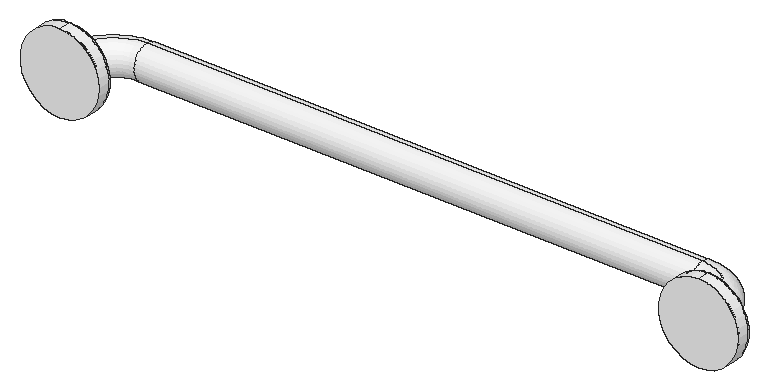
Revit family "SA-1009-24_SPEAKMAN__NEO_ADA GRAB BAR", category Generic Models, host Wall, Revit 2023
Family settings
  Host = Wall
  Can host rebar = No
  Round Connector Dimension = Use Diameter
  Part Type = Normal
  Always vertical = Yes
  Cut with Voids When Loaded = No
  Maintain Annotation Orientation = No
  Shared = No
  Room Calculation Point = No
Parameters
  Length B = 2' - 0"
  MATERIAL_SA-1009 = MATERIAL_SA-1009
  Length A = Length B + 0' 3"  # 2' - 3"
  Default Elevation = 0' - 0"
Reference planes (in)
  plane 1: y = 0
  plane 2 "Center (Left/Right)": x = 0
  plane 3 "Wall Edge": y = 3
  plane 4: z = 32.83198
  plane 5: x = 12
  plane 6: x = -12
  plane 7: z = 32.2002
  plane 8: z = 33.4502
  plane 9: y = 5.75
  plane 10: y = 5.75
  plane 11: y = 5.125
  plane 12: z = 34.33198
  plane 13: z = 31.33198
  plane 14: y = 3.5
  plane 15: x = 13.5
  plane 16: x = -13.5
  plane 17: x = 10.5
  plane 18: x = -10.5
Forms (in)
  Extrusion 1, solid, material "MATERIAL_SA-1009" <- "MATERIAL_SA-1009"
    sketch origin (-1.48829, 3.60648, -27) x (1, 0, 0) y (0, 0, 1)
      loop
        circle (13.48829, 59.83198) r 1.5
    from 0.10648 to 0.60648
  Extrusion 2, solid, material "MATERIAL_SA-1009" <- "MATERIAL_SA-1009"
    sketch origin (1.51171, 3.60648, -27) x (1, 0, 0) y (0, 0, 1)
      loop
        circle (-13.51171, 59.83198) r 1.5
    from 0.10648 to 0.60648
  Sweep 3, void
    path origin (0.01171, 3.60648, -27) x (1, 0, 0) y (0, 0, 1)
      loop
        circle (11.98829, 59.83198) r 1.5
    profile origin (13.5, 3.60648, 32.83198) x (-1, 0, 0) y (0, -1, 0)
      loop
        line (0, 0.10648) -> (0.0625, 0.10648)
        arc (0.0625, 0.10648) -> (0.01831, 0.12479) -> (0, 0.16898) r 0.0625
        line (0, 0.16898) -> (0, 0.10648)
  Sweep 4, void
    path origin (0.01171, 3.60648, -27) x (1, 0, 0) y (0, 0, 1)
      loop
        circle (-12.01171, 59.83198) r 1.5
    profile origin (-13.5, 3.60648, 32.83198) x (0, -1, 0) y (1, 0, 0)
      loop
        line (0.10648, 0) -> (0.16898, 0)
        arc (0.16898, 0) -> (0.12479, 0.01831) -> (0.10648, 0.0625) r 0.0625
        line (0.10648, 0.0625) -> (0.10648, 0)
  Sweep 5, solid, material "MATERIAL_SA-1009" <- "MATERIAL_SA-1009"
    path origin (0, 0.03974, 0) x (1, 0, 0) y (0, 1, 0)
      loop
        line (-12, 3.46026) -> (-12, 3.52276)
        arc (-12, 3.52276) -> (-11.54235, 4.62761) -> (-10.4375, 5.08526) r 1.5625
        line (-10.4375, 5.08526) -> (10.4375, 5.08526)
        arc (10.4375, 5.08526) -> (11.54235, 4.62761) -> (12, 3.52276) r 1.5625
        line (12, 3.52276) -> (12, 3.46026)
    profile origin (-11.54235, 4.66735, 0) x (-0.707107, 0.707107, 0) y (0, 0, 1)
      loop
        circle (0.01177, 32.8252) r 0.625
Cuts and joins
  Sweep 3 cuts Extrusion 1
  Sweep 4 cuts Extrusion 2
  joined: Extrusion 1, Extrusion 2
Text (in)
  text "Placement Side" at (0, 13.14315, 75.8803), in view "Right"
  text "Placement Side" at (-70.3804, 28.46503, 0), in view "Ref. Level"
  text "Placement Side" at (0, 81.62555, 140.59947), in view "Left"
Dimensions and locks (in)
  locked: plane 3 "Wall Edge" to host wall
  plane 7 to plane 8 = 0' - 1 1/4"
  equal spacing: plane 6, plane 2 "Center (Left/Right)", plane 5
  "Length B": plane 6 to plane 5
  host wall to plane 9 = 0' - 2 3/4"
  plane 11 to plane 3 "Wall Edge" = 0' - 2 1/8"
  plane 13 to plane 12 = 0' - 3"
  "Length A": plane 16 to plane 15
  plane 10 to plane 3 "Wall Edge" = 0' - 2 3/4"
  plane 16 to plane 15 = 2' - 3"
  plane 6 to plane 5 = 2' - 0"
  plane 11 to host wall = 0' - 2 1/8"
  plane 10 to host wall = 0' - 2 3/4"
  plane 12 to plane 13 = 0' - 3"  (x2)
  plane 8 to plane 7 = 0' - 1 1/4"  (x2)
  host wall to plane 11 = 0' - 2 1/8"
  plane 3 "Wall Edge" to plane 14 = 0' - 0 1/2"
  plane 17 to plane 15 = 0' - 3"
  plane 18 to plane 16 = 0' - 3"
  equal spacing: plane 18, plane 6, plane 16
  equal spacing: plane 17, plane 5, plane 15
  plane 14 to host wall = 0' - 0 1/2"
  plane 10 to plane 14 = 0' - 2 1/4"
  host wall to plane 14 to plane 10 = 0' - 0 1/2", 0' - 2 1/4"
  diameter of Sweep 5 sketch curve = 0' - 1 1/4"
  aligned and locked: plane 5 to Extrusion 1 sketch curve  (x2)
  aligned and locked: plane 12 to Extrusion 1
  aligned and locked: plane 13 to Extrusion 1
  aligned and locked: plane 5 to Extrusion 1  (x2)
  aligned and locked: plane 6 to Extrusion 2 sketch curve  (x2)
  aligned and locked: plane 6 to Extrusion 2  (x2)
  aligned and locked: plane 12 to Extrusion 2
  aligned and locked: plane 13 to Extrusion 2
  aligned and locked: plane 5 to Sweep 3 sketch curve  (x2)
  aligned and locked: plane 12 to Sweep 3 sketch curve
  aligned and locked: plane 13 to Sweep 3 sketch curve
  aligned and locked: Sweep 3 sketch curve to profile plane
  aligned and locked: Sweep 3 sketch curve to Extrusion 1
  aligned and locked: plane 6 to Sweep 4 sketch curve  (x2)
  aligned and locked: Sweep 4 sketch curve to Extrusion 2
  aligned and locked: profile plane to Sweep 4 sketch curve
  aligned and locked: plane 14 to Extrusion 2
  aligned and locked: plane 14 to Extrusion 1
  aligned and locked: plane 14 to Sweep 5 sketch curve  (x2)
  aligned and locked: plane 6 to Sweep 5 sketch curve
  aligned and locked: plane 11 to Sweep 5 sketch curve  (x2)
  aligned and locked: plane 5 to Sweep 5 sketch curve  (x2)
Automatic sketch dimensions
  Extrusion 1 sketch curve to Extrusion 1 sketch curve = 0' - 0"  (x2)
  Extrusion 1 sketch curve to plane 4 = 0' - 0"
  plane 5 to Extrusion 1 sketch curve = 0' - 0"
  Extrusion 1 sketch curve to plane 13 = 0' - 0"
  Extrusion 2 sketch curve to Extrusion 2 sketch curve = 0' - 0"  (x2)
  Extrusion 2 sketch curve to plane 4 = 0' - 0"
  plane 6 to Extrusion 2 sketch curve = 0' - 0"
  Extrusion 2 sketch curve to plane 13 = 0' - 0"
  Sweep 3 sketch curve to Sweep 3 sketch curve = 0' - 0"
  plane 5 to Sweep 3 sketch curve = 0' - 0"
  Sweep 3 sketch curve to Sweep 3 sketch curve = 0' - 0 1/16"
  Sweep 4 sketch curve to Sweep 4 sketch curve = 0' - 0"  (x2)
  Sweep 4 sketch curve to plane 4 = 0' - 0"
  plane 6 to Sweep 4 sketch curve = 0' - 0"
  Sweep 4 sketch curve to plane 13 = 0' - 0"
  Sweep 4 sketch curve to profile plane = 0' - 0 1/16"
  Sweep 5 sketch curve to Sweep 5 sketch curve = 0' - 0"  (x2)
  Sweep 5 sketch curve to profile plane = 0' - 0.01177"
  profile plane to Sweep 5 sketch curve = 2' - 8.8252"
  Sweep 5 sketch curve to plane 6 = 0' - 1 9/16"
  plane 5 to Sweep 5 sketch curve = 0' - 1 9/16"
